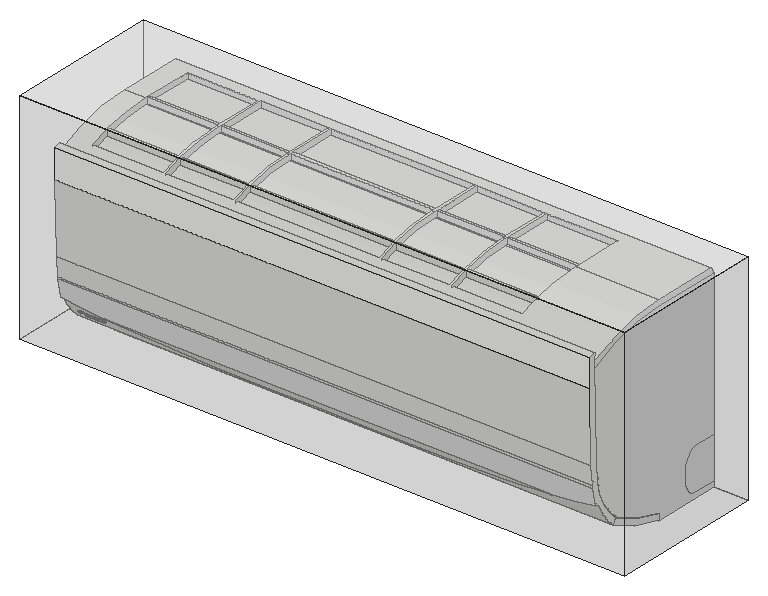
Revit family "outputfile", category 機械設備, Revit 2024 (continued)
Definition of nested family "DAIKIN_indoorunit_CTKC-WVMG"
  Automatic sketch dimensions
    plane 1 "Center (Front/Back)" to Extrusion 20 sketch curve = 92.093 mm
    Extrusion 20 sketch curve to Extrusion 20 sketch curve = 1.354 mm
    Extrusion 20 sketch curve to level = 72.0 mm
    Extrusion 20 sketch curve to Extrusion 20 sketch curve = 0.504 mm
    Extrusion 20 sketch curve to Extrusion 20 sketch curve = 98.416 mm
    Extrusion 20 sketch curve to Extrusion 20 sketch curve = 0.896 mm
    Extrusion 20 sketch curve to Extrusion 20 sketch curve = 76.3 mm
    Extrusion 20 sketch curve to Extrusion 20 sketch curve = 7.433 mm
    Extrusion 20 sketch curve to Extrusion 20 sketch curve = 26.684 mm
    Extrusion 20 sketch curve to Extrusion 20 sketch curve = 8.909 mm
    plane 1 "Center (Front/Back)" to Extrusion 21 sketch curve = 218.957 mm
    Extrusion 21 sketch curve to Extrusion 21 sketch curve = 5.601 mm
    Extrusion 21 sketch curve to Extrusion 21 sketch curve = 65.735 mm
    Extrusion 21 sketch curve to Extrusion 21 sketch curve = 1.462 mm
    Extrusion 21 sketch curve to Extrusion 21 sketch curve = 83.356 mm
    plane 1 "Center (Front/Back)" to Extrusion 21 sketch curve = 92.093 mm
    Extrusion 21 sketch curve to Extrusion 21 sketch curve = 1.354 mm
    Extrusion 21 sketch curve to level = 291.755 mm
    Extrusion 21 sketch curve to Extrusion 21 sketch curve = 8.588 mm
    Extrusion 21 sketch curve to Extrusion 21 sketch curve = 29.018 mm
    Extrusion 21 sketch curve to Extrusion 21 sketch curve = 7.433 mm
    Extrusion 21 sketch curve to Extrusion 21 sketch curve = 75.403 mm
    Extrusion 21 sketch curve to Extrusion 21 sketch curve = 0.896 mm
    Extrusion 21 sketch curve to level = 72.504 mm
    Extrusion 21 sketch curve to Extrusion 21 sketch curve = 0.504 mm
    plane 1 "Center (Front/Back)" to Extrusion 22 sketch curve = 164.0 mm
    Extrusion 22 sketch curve to Extrusion 22 sketch curve = 34.0 mm
    plane 1 "Center (Front/Back)" to Extrusion 22 sketch curve = 92.093 mm
    Extrusion 22 sketch curve to Extrusion 22 sketch curve = 1.354 mm
    Extrusion 22 sketch curve to level = 291.755 mm
    Extrusion 22 sketch curve to Extrusion 22 sketch curve = 8.588 mm
    Extrusion 22 sketch curve to Extrusion 22 sketch curve = 0.077 mm
    Extrusion 22 sketch curve to Extrusion 22 sketch curve = 9.207 mm
    plane 1 "Center (Front/Back)" to Extrusion 23 sketch curve = 218.957 mm
    Extrusion 23 sketch curve to Extrusion 23 sketch curve = 5.601 mm
    Extrusion 23 sketch curve to Extrusion 23 sketch curve = 49.356 mm
    Extrusion 23 sketch curve to Extrusion 23 sketch curve = 65.735 mm
    Extrusion 23 sketch curve to Extrusion 23 sketch curve = 1.462 mm
    plane 1 "Center (Front/Back)" to Extrusion 23 sketch curve = 92.093 mm
    Extrusion 23 sketch curve to Extrusion 23 sketch curve = 1.354 mm
    Extrusion 23 sketch curve to level = 283.089 mm
    Extrusion 23 sketch curve to Extrusion 23 sketch curve = 9.207 mm
    Extrusion 23 sketch curve to Extrusion 23 sketch curve = 19.733 mm
    Extrusion 23 sketch curve to Extrusion 23 sketch curve = 7.433 mm
    Extrusion 23 sketch curve to Extrusion 23 sketch curve = 75.403 mm
    Extrusion 23 sketch curve to Extrusion 23 sketch curve = 0.896 mm
    Extrusion 23 sketch curve to level = 72.504 mm
    Extrusion 23 sketch curve to Extrusion 23 sketch curve = 0.504 mm
    Extrusion 24 sketch curve to level = 276.055 mm
    plane 1 "Center (Front/Back)" to Extrusion 24 sketch curve = 639.709 mm
    plane 1 "Center (Front/Back)" to Extrusion 24 sketch curve = 258.299 mm
    Extrusion 24 sketch curve to Extrusion 24 sketch curve = 2.64 mm
    Extrusion 24 sketch curve to Extrusion 24 sketch curve = 35.942 mm
    Extrusion 24 sketch curve to Extrusion 24 sketch curve = 1.937 mm
    Extrusion 24 sketch curve to Extrusion 24 sketch curve = 20.299 mm
    Extrusion 24 sketch curve to Extrusion 24 sketch curve = 45.88 mm
    Extrusion 24 sketch curve to Extrusion 24 sketch curve = 41.737 mm
    Extrusion 24 sketch curve to Extrusion 24 sketch curve = 13.741 mm
    Extrusion 24 sketch curve to Extrusion 24 sketch curve = 3.448 mm
    Extrusion 24 sketch curve to level = 253.495 mm
    Extrusion 24 sketch curve to Extrusion 24 sketch curve = 2.571 mm
    Extrusion 24 sketch curve to Extrusion 24 sketch curve = 37.558 mm
    Extrusion 24 sketch curve to Extrusion 24 sketch curve = 33.63 mm
    Extrusion 24 sketch curve to Extrusion 24 sketch curve = 0.492 mm
    Extrusion 24 sketch curve to Extrusion 24 sketch curve = 40.059 mm
    Extrusion 24 sketch curve to Extrusion 24 sketch curve = 22.435 mm
    Extrusion 24 sketch curve to Extrusion 24 sketch curve = 1.992 mm
    Extrusion 24 sketch curve to Extrusion 24 sketch curve = 37.063 mm
    Extrusion 24 sketch curve to Extrusion 24 sketch curve = 0.0 mm
    Extrusion 24 sketch curve to Extrusion 24 sketch curve = 4.147 mm
    Extrusion 25 sketch curve to Extrusion 25 sketch curve = 0.0 mm  (x4)
    Extrusion 25 sketch curve to plane 1 "Center (Front/Back)" = 0.0 mm
    plane 1 "Center (Front/Back)" to Extrusion 25 sketch curve = 87.233 mm
    Extrusion 25 sketch curve to Extrusion 25 sketch curve = 3.506 mm
    Extrusion 25 sketch curve to Extrusion 25 sketch curve = 92.593 mm
    Extrusion 25 sketch curve to Extrusion 25 sketch curve = 45.42 mm
    Extrusion 25 sketch curve to Extrusion 25 sketch curve = 58.927 mm
    Extrusion 25 sketch curve to Extrusion 25 sketch curve = 74.393 mm
    Extrusion 25 sketch curve to Extrusion 25 sketch curve = 2.031 mm
    Extrusion 25 sketch curve to level = 58.927 mm
    Extrusion 25 sketch curve to plane 1 "Center (Front/Back)" = 1866.935 mm
    Extrusion 25 sketch curve to level = 72.504 mm
    Extrusion 25 sketch curve to Extrusion 25 sketch curve = 74.381 mm
    Extrusion 25 sketch curve to Extrusion 25 sketch curve = 24.427 mm
    Extrusion 25 sketch curve to Extrusion 25 sketch curve = 74.426 mm
    Extrusion 25 sketch curve to Extrusion 25 sketch curve = 0.483 mm
    Extrusion 25 sketch curve to Extrusion 25 sketch curve = 4.137 mm
    Extrusion 25 sketch curve to Extrusion 25 sketch curve = 31.393 mm
    Extrusion 25 sketch curve to Extrusion 25 sketch curve = 9.215 mm
    Extrusion 25 sketch curve to level = 8.0 mm
    Extrusion 26 sketch curve to plane 1 "Center (Front/Back)" = 0.0 mm
    Extrusion 26 sketch curve to Extrusion 26 sketch curve = 20.0 mm  (x2)
    Extrusion 26 sketch curve to level = 287.035 mm
    Extrusion 27 sketch curve to plane 1 "Center (Front/Back)" = 0.0 mm
    Extrusion 27 sketch curve to Extrusion 27 sketch curve = 20.0 mm  (x2)
    Extrusion 27 sketch curve to level = 287.035 mm
    plane 1 "Center (Front/Back)" to Extrusion 28 sketch curve = 0.0 mm  (x2)
    plane 3 "Center (Left/Right)" to Extrusion 28 sketch curve = 469.0 mm
    Extrusion 28 sketch curve to Extrusion 28 sketch curve = 20.0 mm  (x4)
    Extrusion 28 sketch curve to plane 3 "Center (Left/Right)" = 409.0 mm
  Nested families
    nested 1: "daikin_logo_plane_w40" at (-320, -198.871, -233.244) x (1, 0, 0) z (0, -0.7841, -0.6206), visible <- "switch_unit1_20-46", type "daikin_logo_plane_w40"
      with show_logo yes
    nested 2: "daikin_logo_plane_w40" at (-430, -237.74, -233.244) x (1, 0, 0) z (0, -0.7841, -0.6206), visible <- "switch_unit1_50-71", type "daikin_logo_plane_w40"
      with show_logo yes
  Definition of nested family "daikin_logo_plane_w40"
    Parameters (values of type "daikin_logo_plane_w40")
      width = 40.0 mm
      show_logo [instance] = yes
      material = none
      height = 0.0 mm
      depth = 0.0 mm
      Default Elevation = 1219.2 mm
    Reference planes
      plane 1 "Center (Front/Back)": y = 0
      plane 2: z = 0
      plane 3 "Center (Left/Right)": x = 0
      plane 4: z = 2
      plane 5 "left": x = -19
      plane 6: x = 19
    Forms (mm)
      Extrusion 1, solid, visible <- "show_logo"
        sketch origin (-19, 0, 0) x (1, 0, 0) y (0, 1, 0)
          loop
            line (8.902, -1.878) -> (7.789, -6.332) -> (11.13, -6.332)
            arc (11.13, -6.332) -> (12.454, -6.064) -> (13.472, -5.176) r 2.642
            arc (13.472, -5.176) -> (13.92, -4.02) -> (13.767, -2.79) r 2.537
            arc (13.767, -2.79) -> (13.452, -2.342) -> (12.982, -2.06) r 1.321
            arc (12.982, -2.06) -> (12.063, -1.902) -> (11.13, -1.878) r 6.479
            line (11.13, -1.878) -> (8.902, -1.878)
          loop
            line (10.016, -5.441) -> (10.907, -5.441)
            arc (10.907, -5.441) -> (11.591, -4.983) -> (11.988, -4.261) r 1.742
            spline (11.988, -4.261) -> (12.01, -4.155) -> (12.027, -4.03) -> (12.037, -3.893) -> (12.037, -3.747) -> (12.026, -3.598) -> (12.002, -3.451) -> (11.962, -3.31) -> (11.905, -3.181) -> (11.829, -3.069) -> (11.731, -2.978) -> (11.61, -2.913) -> (11.464, -2.88)
            line (11.464, -2.88) -> (10.573, -2.88) -> (10.016, -5.441)
          loop
            line (13.58, -6.332) -> (14.805, -6.332) -> (15.223, -5.553) -> (16.977, -5.553) -> (17.144, -6.332) -> (19.149, -6.332) -> (18.258, -1.878) -> (16.03, -1.878) -> (13.58, -6.332)
          loop
            line (16.476, -3.214) -> (15.76, -4.551) -> (16.762, -4.551) -> (16.476, -3.214)
          loop
            line (19.705, -6.332) -> (21.599, -6.332) -> (22.712, -1.878) -> (20.819, -1.878) -> (19.705, -6.332)
          loop
            line (22.712, -6.332) -> (24.606, -6.332) -> (24.908, -5.122) -> (25.831, -6.332) -> (28.17, -6.332) -> (26.388, -3.994) -> (28.949, -1.878) -> (26.945, -1.878) -> (25.401, -3.153) -> (25.719, -1.878) -> (23.826, -1.878) -> (22.712, -6.332)
          loop
            line (29.84, -1.878) -> (28.615, -6.332) -> (30.62, -6.332) -> (31.734, -1.878) -> (29.84, -1.878)
          loop
            line (31.734, -6.332) -> (33.07, -6.332) -> (33.7, -3.814) -> (34.518, -6.332) -> (36.745, -6.332) -> (37.859, -1.878) -> (36.523, -1.878) -> (35.845, -4.589) -> (34.963, -1.878) -> (32.847, -1.878) -> (31.734, -6.332)
        from 0 to 2
      Extrusion 2, solid, visible <- "show_logo"
        sketch origin (-19, 0, 0) x (1, 0, 0) y (0, 1, 0)
          loop
            line (8.7, 0) -> (4.235, 0) -> (0, -3.879) -> (0, -8) -> (8.7, 0)
        from 0 to 2
      Extrusion 3, solid, visible <- "show_logo"
        sketch origin (-19, 0, 0) x (1, 0, 0) y (0, 1, 0)
          loop
            line (0, 0) -> (0, -3.879) -> (4.235, 0) -> (0, 0)
        from 0 to 2
    Dimensions and locks
      plane 4 to plane 2 = 2.0 mm
      equal spacing: plane 5 "left", plane 3 "Center (Left/Right)", plane 6
      locked: plane 5 "left" to plane 6 at 38
      aligned and locked: level to plane 2
      aligned and locked: Extrusion 3 to plane 1 "Center (Front/Back)"  (x2)
      aligned and locked: Extrusion 2 to plane 1 "Center (Front/Back)"  (x2)
      aligned and locked: plane 4 to Extrusion 1
      aligned and locked: plane 4 to Extrusion 3
      aligned and locked: plane 4 to Extrusion 2
      aligned and locked: Extrusion 3 to plane 5 "left"
      aligned and locked: Extrusion 2 to plane 5 "left"
    Automatic sketch dimensions
      Extrusion 1 sketch curve to Extrusion 1 sketch curve = 0.901 mm
      Extrusion 1 sketch curve to Extrusion 1 sketch curve = 1.559 mm
      Extrusion 1 sketch curve to Extrusion 1 sketch curve = 1.327 mm
      Extrusion 1 sketch curve to Extrusion 1 sketch curve = 2.145 mm
      Extrusion 1 sketch curve to Extrusion 1 sketch curve = 1.448 mm
      Extrusion 1 sketch curve to Extrusion 1 sketch curve = 2.116 mm
      Extrusion 1 sketch curve to Extrusion 1 sketch curve = 1.114 mm  (x4)
      Extrusion 1 sketch curve to Extrusion 1 sketch curve = 1.336 mm  (x2)
      plane 1 "Center (Front/Back)" to Extrusion 1 sketch curve = 1.878 mm  (x5)
      Extrusion 1 sketch curve to Extrusion 1 sketch curve = 1.893 mm  (x5)
      Extrusion 1 sketch curve to Extrusion 1 sketch curve = 0.891 mm  (x4)
      Extrusion 1 sketch curve to Extrusion 1 sketch curve = 2.005 mm  (x3)
      Extrusion 1 sketch curve to Extrusion 1 sketch curve = 0.445 mm  (x2)
      plane 1 "Center (Front/Back)" to Extrusion 1 sketch curve = 3.994 mm
      Extrusion 1 sketch curve to Extrusion 1 sketch curve = 0.557 mm  (x2)
      Extrusion 1 sketch curve to Extrusion 1 sketch curve = 2.339 mm  (x2)
      Extrusion 1 sketch curve to Extrusion 1 sketch curve = 1.225 mm  (x3)
      plane 1 "Center (Front/Back)" to Extrusion 1 sketch curve = 3.153 mm
      Extrusion 1 sketch curve to Extrusion 1 sketch curve = 0.987 mm
      plane 1 "Center (Front/Back)" to Extrusion 1 sketch curve = 5.122 mm
      Extrusion 1 sketch curve to Extrusion 1 sketch curve = 0.922 mm
      plane 1 "Center (Front/Back)" to Extrusion 1 sketch curve = 6.332 mm
      Extrusion 1 sketch curve to Extrusion 1 sketch curve = 2.562 mm
      plane 1 "Center (Front/Back)" to Extrusion 1 sketch curve = 5.553 mm
      Extrusion 1 sketch curve to Extrusion 1 sketch curve = 0.167 mm
      Extrusion 1 sketch curve to Extrusion 1 sketch curve = 0.215 mm
      plane 1 "Center (Front/Back)" to Extrusion 1 sketch curve = 3.214 mm
      Extrusion 1 sketch curve to Extrusion 1 sketch curve = 0.286 mm
      plane 1 "Center (Front/Back)" to Extrusion 1 sketch curve = 4.551 mm
      Extrusion 1 sketch curve to Extrusion 1 sketch curve = 1.002 mm
      Extrusion 1 sketch curve to Extrusion 1 sketch curve = 0.537 mm
      Extrusion 1 sketch curve to Extrusion 1 sketch curve = 0.418 mm
      Extrusion 1 sketch curve to Extrusion 1 sketch curve = 1.028 mm
      plane 1 "Center (Front/Back)" to Extrusion 1 sketch curve = 4.261 mm
      Extrusion 1 sketch curve to Extrusion 1 sketch curve = 0.563 mm
      plane 1 "Center (Front/Back)" to Extrusion 1 sketch curve = 2.88 mm
      Extrusion 1 sketch curve to Extrusion 1 sketch curve = 1.088 mm
      Extrusion 1 sketch curve to Extrusion 1 sketch curve = 2.152 mm
      Extrusion 1 sketch curve to Extrusion 1 sketch curve = 0.586 mm
      Extrusion 1 sketch curve to Extrusion 1 sketch curve = 0.118 mm
      Extrusion 1 sketch curve to Extrusion 1 sketch curve = 0.298 mm
      Extrusion 1 sketch curve to Extrusion 1 sketch curve = 0.334 mm
      Extrusion 1 sketch curve to Extrusion 1 sketch curve = 0.223 mm
      Extrusion 1 sketch curve to Extrusion 1 sketch curve = 0.266 mm
      Extrusion 1 sketch curve to Extrusion 1 sketch curve = 1.671 mm
      Extrusion 1 sketch curve to Extrusion 1 sketch curve = 2.227 mm
      Extrusion 1 sketch curve to Extrusion 1 sketch curve = 0.0 mm  (x7)
      Extrusion 1 sketch curve to Extrusion 1 sketch curve = 3.453 mm
      Extrusion 1 sketch curve to Extrusion 1 sketch curve = 2.017 mm
      Extrusion 1 sketch curve to Extrusion 1 sketch curve = 0.78 mm  (x2)
      Extrusion 1 sketch curve to Extrusion 1 sketch curve = 1.743 mm
      Extrusion 1 sketch curve to Extrusion 1 sketch curve = 0.775 mm
      Extrusion 1 sketch curve to Extrusion 1 sketch curve = 0.552 mm
      Extrusion 1 sketch curve to Extrusion 1 sketch curve = 0.014 mm
      Extrusion 1 sketch curve to Extrusion 1 sketch curve = 0.952 mm
      Extrusion 1 sketch curve to Extrusion 1 sketch curve = 1.215 mm
      Extrusion 1 sketch curve to Extrusion 1 sketch curve = 0.108 mm
      plane 1 "Center (Front/Back)" to Extrusion 2 sketch curve = 0.0 mm
      Extrusion 2 sketch curve to plane 3 "Center (Left/Right)" = 19.0 mm
      Extrusion 2 sketch curve to plane 3 "Center (Left/Right)" = 14.765 mm
      Extrusion 2 sketch curve to Extrusion 2 sketch curve = 4.465 mm
      plane 1 "Center (Front/Back)" to Extrusion 2 sketch curve = 3.879 mm
      Extrusion 2 sketch curve to Extrusion 2 sketch curve = 4.12 mm
      plane 1 "Center (Front/Back)" to Extrusion 3 sketch curve = 0.0 mm
      Extrusion 3 sketch curve to plane 3 "Center (Left/Right)" = 19.0 mm
      Extrusion 3 sketch curve to plane 3 "Center (Left/Right)" = 14.765 mm
      plane 1 "Center (Front/Back)" to Extrusion 3 sketch curve = 3.879 mm
      Extrusion 1 sketch curve to plane 3 "Center (Left/Right)" = 11.211 mm
      Extrusion 1 sketch curve to Extrusion 1 sketch curve = 1.782 mm
Definition of nested family "daikin_connector_rotate3"
  Parameters (values of type "daikin_connector_rotate3")
    show [instance] = yes
    radius [instance] = 10.0 mm
    length [instance] = 600.0 mm
    angle_horizontal [instance] = 60.00°
    angle_vertical [instance] = 90.00°
    Default Elevation = 1219.2 mm
  Reference planes
    plane 1 "Center (Front/Back)": y = 0
    plane 2: z = 0
    plane 3 "Center (Left/Right)": x = 0
  Dimensions and locks
    "angle_horizontal": angle plane 3 "Center (Left/Right)" to nested 1
    aligned and locked: level to plane 2
    aligned and locked: plane 1 "Center (Front/Back)" to nested 1  (x2)
    aligned and locked: plane 3 "Center (Left/Right)" to nested 1
  Nested families
    nested 1: "daikin_connector_rotate2" at (0, 0, 0) x (0.5, 0.866, 0) z (0, 0, 1), angle_vertical <- "angle_vertical", length <- "length", radius <- "radius", type "daikin_connector_rotate2"
      with radius 10.0 mm, length 600.0 mm, angle_vertical 90.00°
  Definition of nested family "daikin_connector_rotate2"
    Parameters (values of type "daikin_connector_rotate2")
      show_face = yes
      radius [instance] = 10.0 mm
      length [instance] = 600.0 mm
      d_surface = 10.0 mm
      angle_vertical [instance] = 90.00°
      Default Elevation = 0.0 mm
    Reference planes
      plane 1 "Center (Front/Back)": y = 0
      plane 2: z = 0
      plane 3 "Center (Left/Right)": x = 0
    Forms (mm)
      Extrusion 1, solid, visible <- "show_face"
        sketch origin (0, -600, 0) x (1, 0, 0) y (0, 0, 1)
          loop
            circle (0, 0) r 10
        from 0 to -10
    Lines and regions (mm)
      reference lines
        curve 1: line (0, 0, 0) -> (0, -600, 0)
      symbolic lines
        curve 2: circle (0, 0, 0) r 5 normal (0, 0, 1)
      model lines, visible <- "show_face"
        curve 3: line (0, 0, 0) -> (0, -600, 0)
    Dimensions and locks
      "length": curve 1 to curve 1
      "length": curve 3 to curve 3
      "d_surface": Extrusion 1 to Extrusion 1
      "radius": radius of Extrusion 1 sketch curve
      "angle_vertical": angle curve 1 to plane 1 "Center (Front/Back)"
      "angle_vertical": angle curve 3 to plane 1 "Center (Front/Back)"
      aligned and locked: level to plane 2
      aligned and locked: plane 1 "Center (Front/Back)" to curve 1
      aligned and locked: plane 2 to curve 1
      aligned and locked: plane 1 "Center (Front/Back)" to curve 2
      aligned and locked: plane 3 "Center (Left/Right)" to curve 2
      aligned and locked: plane 1 "Center (Front/Back)" to curve 3
      aligned and locked: plane 2 to curve 3
      aligned and locked: Extrusion 1 to Extrusion 1
    Automatic sketch dimensions
      Extrusion 1 sketch curve to level = 0.0 mm
      Extrusion 1 sketch curve to plane 3 "Center (Left/Right)" = 0.0 mm
      radius of curve 2 = 5.0 mm
